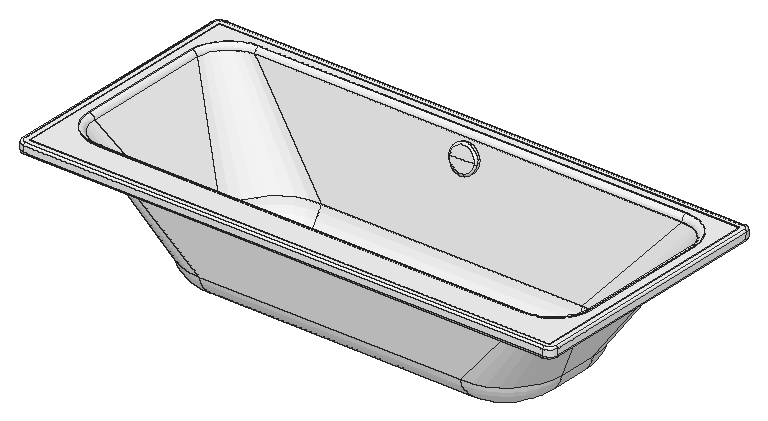
Revit family "KDW010054", category Plumbing Fixtures, Revit 2015
Parameters
  Youtube clip = ""
  Weight Net (Kg) = "50"
  Weight = "50"
  WaterSupplyOverflowAndWasteHolesWaterSupply = "n/a"
  WaterSupplyOverflowAndWasteHolesWaste = "52 mm"
  WaterSupplyOverflowAndWasteHolesOverflow = "52 mm"
  WarrantyStartDate = "https://www.kaldewei.co.uk/fileadmin/data/sprachen/englisch/prospekte/rest/GB_GUARANTEE__CARE_AND_INSTALLATION_INSTRUCTIONS.pdf"
  WarrantyDurationUnit = "Year"
  WarrantyDurationParts = "30"
  VolumeToOverflowMaximum = "123"
  Version = "5"
  Uniformat II Description = ""
  Uniformat II Code = ""
  Uniclass 2015 Name = ""
  Uniclass 2015 Code = ""
  Uniclass 2015 = "Pr_40_20_06_08"
  Uniclass 2.0 Description = "Baths"
  Uniclass 2.0 Code = "PR-35-06-08"
  Uniclass 1.4 Description = "Baths"
  Uniclass 1.4 Code = "L7211"
  URL = "https://www.kaldewei.co.uk/products/baths/detail/product/asymmetric-duo/"
  UNSPSCNames = "Sanitary ware "
  UNSPSCCode = "30181500"
  UNSPSC Code = "30181501"
  Type Comments = "ASYMMETRIC DUO 740 800x1700x425"
  TechnicalDataURL = "https://kaldewei.typo-live.web-factory.de/fileadmin/data/sprachen/englisch/techdata/KADBE_ASYMMETRICDUO_______740__.pdf"
  Technical description = "https://www.kaldewei.co.uk/fileadmin/data/sprachen/englisch/techdata/KADBE_ASYMMETRICDUO_______740__.pdf"
  Sustainability = "https://kaldewei-fa.secure.footprint.net/data/sprachen/englisch/prospekte/rest/Steel_Enamel_Baths_and_Shower_Trays.pdf"
  SupportFrame = "https://www.kaldewei.co.uk/products/baths/detail/product/asymmetric-duo/?tx_wkkaldeweiproducts_product%5Bmodellnr%5D=740&cHash=e4a5ac15442d35afc63748f63eb4bc6b#tabConfiguration"
  Size = "800x1700x425"
  Shape = "Rectangular baths"
  SerialNumber = "740"
  Revision = "1"
  Region South America = "AR, BO, BR, CL, CO, EC, FK, GF, GY, PE, PY, SR, UY, VE"
  Region Oceania = "AS, AU, CK, FJ, FM, GU, KI, MH, MP, NC, NF, NR, NU, NZ, PF, PG, PN, PW, SB, TK, TL, TO, TV, UM, WF, WS, VU"
  Region North America = "AG, AI, AW, BB, BL, BM, BQ, BS, BZ, CA, CR, CU, CW, DM, DO, GD, GL, GP, GT, HN, HT, JM, KN, KY, LC, MF, MQ, MS, MX, NI, PA, PM, PR, SV, SX, TC, TT, US, VC, VG, VI"
  Region Middle East = "AE, AF, BH, EG, IL, IQ, IR, JO, KW, LB, OM, PS, QA, SA, SY, TR, YE"
  Region Europe = "AD, AL, AT, AX, BA, BE, BG, BY, CH, CY, CZ, DE, DK, EE, ES, FI, FO, FR, GB, GG, GI, GR, HR, HU, IE, IM, IS, IT, JE, LI, LT, LU, LV, MC, MD, ME, MK, MT, NL, NO, PL, PT, RO, RS, RU, SE, SI, SJ, SK, SM, UA, VA"
  Region Asia = "AM, AZ, BD, BN, BT, CC, CN, CX, GE, HK, ID, IN, IO, JP, KG, KH, KP, KR, KZ, LA, LK, MM, MN, MO, MV, MY, NP, PH, PK, SG, TH, TJ, TM, TW, UZ, VN"
  Region Antarctica = "AQ, BV, GS, HM, TF"
  Region Africa = "AO, BF, BI, BJ, BW, CD, CF, CG, CI, CM, CV, DJ, DZ, EH, ER, ET, GA, GH, GM, GN, GQ, GW, KE, KM, LR, LS, LY, MA, MG, ML, MR, MU, MW, MZ, NA, NE, NG, RE, RW, SC, SD, SH, SL, SN, SO, SS, ST, SZ, TD, TG, TN, TZ, UG, YT, ZA, ZM, ZW"
  QR code = "http://bimobject.com/kaldewei/product/740"
  ProductInformation = "Model No.740: A bath with a comfort zone: with its generously proportioned storage shelf, the ASYMMETRIC DUO also has a spatial dimension. It can be used as a seat or for holding bath utensils, and also for the individual positioning of taps.There is a charming contrast between the precise and clear form of the bath rim and the ergonomic, flowing design language of the inside. Furthermore, the outflow set flush into the base of the bath is an elegant and harmonious solution."
  Product url = "https://www.kaldewei.co.uk/products/baths/detail/product/asymmetric-duo/"
  Product group = "Bathtub"
  Product family = "ASYMMETRIC DUO "
  Product data url = "https://bimobject.com/kaldewei/product/740"
  Product certification = "https://www.kaldewei.co.uk/fileadmin/data/sprachen/alle/pdfs/leistungserkla__rungBW-DW-WT-0216Web.pdf"
  Product SKU = "740"
  Product Guid = "a03c7cdf-5c67-49f0-9ef0-5e3adb6818b1"
  Polantis code = "KDW010054"
  PanelMaterial = "n/a"
  OmniClass Description = ""
  OmniClass Code = ""
  ObjectURL = "https://www.kaldewei.co.uk/products/baths/detail/product/asymmetric-duo/"
  ObjectPicture = "https://www.kaldewei.co.uk/products/baths/detail/product/asymmetric-duo/?tx_wkkaldeweiproducts_product%5Bmodellnr%5D=740&cHash=e4a5ac15442d35afc63748f63eb4bc6b#tabConfiguration"
  ObjectNorm = "EN 14516EU DECLARATION OF PERFORMANCE(https://www.kaldewei.de/fileadmin/data/sprachen/alle/pdfs/leistungserkla__rungBW-DW-WT-0216Web.pdf)"
  ObjectName = "ASYMMETRICDUO 800x1700x425"
  NominalLength = "1700"
  NominalDepth = "425"
  Nominal width = 1700 cm
  Nominal height = 800 cm
  Name = "ASYMMETRICDUO"
  NBS Reference Description = "Baths"
  NBS Reference Code = "35-06-08"
  Model = "ASYMMETRIC DUO"
  Material secondary = "Enamel"
  Material main = "Steel"
  Material = "steel enamel"
  Masterformat 2014 Description = ""
  Masterformat 2014 Code = ""
  ManufacturerURL = "https://www.kaldewei.com"
  ManufacturerName = "KALDEWEI"
  ManufacturerEmail = "info@kaldewei.de"
  ManufacturerCountry = "GERMANY"
  Manufacturer name = ""
  Manufacturer country = "Germany"
  IntegralAccessories = "https://www.kaldewei.co.uk/products/baths/detail/product/asymmetric-duo/?tx_wkkaldeweiproducts_product%5Bmodellnr%5D=740&cHash=e4a5ac15442d35afc63748f63eb4bc6b#tabConfiguration"
  Installation instructions = ""
  IfcExportType = "IfcSanitaryTerminalType"
  IfcExportAs = "BATH"
  IFC Classification = "Furnishing Element"
  HasGrabHandles = "https://www.kaldewei.co.uk/products/baths/detail/product/asymmetric-duo/?tx_wkkaldeweiproducts_product%5Bmodellnr%5D=740&cHash=e4a5ac15442d35afc63748f63eb4bc6b#tabConfiguration"
  Finition = Kaldewei
  Finish = "https://www.kaldewei.co.uk/products/baths/extras-installation/surfaces/"
  Features = "https://www.kaldewei.co.uk/products/baths/detail/product/asymmetric-duo/?tx_wkkaldeweiproducts_product%5Bmodellnr%5D=740&cHash=e4a5ac15442d35afc63748f63eb4bc6b#tabConfiguration"
  Manufacturer = "Kaldewei"
  Edition number = "1"
  EAN code = ""
  Durability = "https://www.kaldewei.de/fileadmin/data/sprachen/alle/pdfs/leistungserkla__rungBW-DW-WT-0216Web.pdf"
  DrainSize = "52 mm"
  Design country = "Germany"
  Date of publishing = ""
  ConnectingDimensions = "EN 232"
  ColourOptions = "https://www.kaldewei.co.uk/inspiration/material/colours/"
  Color = "https://www.kaldewei.co.uk/inspiration/material/colours/"
  COBIe Type Category = ""
  Brand url = "http://www.kaldewei.com"
  BIMobject category = "Bath & Spas"
Reference planes (cm)
  plane 1 "Center (Front/Back)": y = 0
  plane 2: z = 0
  plane 3 "Center (Left/Right)": x = 0
Forms (cm)
  Sweep 1, solid, material "Kaldewei"
    path origin (0, -2.7644, -23.1099) x (1, 0, 0) y (0, 1, 0)
      loop
        arc (-82.5, 39.8238) -> (-84.2678, 39.0916) -> (-85, 37.3238) r 2.5
        line (-85, 37.3238) -> (-85, -37.6762)
        arc (-85, -37.6762) -> (-84.2678, -39.444) -> (-82.5, -40.1762) r 2.5
        line (-82.5, -40.1762) -> (82.5, -40.1762)
        arc (82.5, -40.1762) -> (84.2678, -39.444) -> (85, -37.6762) r 2.5
        line (85, -37.6762) -> (85, 37.3238)
        arc (85, 37.3238) -> (84.2678, 39.0916) -> (82.5, 39.8238) r 2.5
        line (82.5, 39.8238) -> (-82.5, 39.8238)
    profile origin (0, 37.0594, -23.1099) x (0, 1, 0) y (0, 0, 1)
      loop
        line (-1.5, 60.1763) -> (-1.5, 59.8763) -> (-0.6, 59.8763)
        arc (-0.6, 59.8763) -> (-0.1757, 60.052) -> (0, 60.4763) r 0.6
        line (0, 60.4763) -> (0, 62.4538)
        arc (0, 62.4538) -> (-0.1757, 62.8781) -> (-0.6, 63.0538) r 0.6
        line (-0.6, 63.0538) -> (-2.3, 63.0538) -> (-2.3, 62.7481) -> (-0.6071, 62.7481)
        arc (-0.6071, 62.7481) -> (-0.3908, 62.6665) -> (-0.3, 62.4538) r 0.2945
        line (-0.3, 62.4538) -> (-0.3, 60.4763)
        arc (-0.3, 60.4763) -> (-0.3879, 60.2641) -> (-0.6, 60.1763) r 0.3
        line (-0.6, 60.1763) -> (-1.5, 60.1763)
  Sweep 2, solid, material "Kaldewei"
    path origin (0, -2.7644, -23.1099) x (1, 0, 0) y (0, 1, 0)
      loop
        arc (-67.9168, 35.0446) -> (-76.4021, 31.5299) -> (-79.9168, 23.0446) r 12
        line (-79.9168, 23.0446) -> (-79.9168, -17.6387)
        arc (-79.9168, -17.6387) -> (-76.4021, -26.124) -> (-67.9168, -29.6387) r 12
        line (-67.9168, -29.6387) -> (67.9197, -29.6387)
        arc (67.9197, -29.6387) -> (76.4049, -26.124) -> (79.9197, -17.6387) r 12
        line (79.9197, -17.6387) -> (79.9197, 23.0446)
        arc (79.9197, 23.0446) -> (76.4049, 31.5299) -> (67.9197, 35.0446) r 12
        line (67.9197, 35.0446) -> (-67.9168, 35.0446)
    profile origin (0.0014, 32.2802, -23.1099) x (0, 1, 0) y (0, 0, 1)
      loop
        arc (-0.0096, 63.0482) -> (-1.2035, 62.5771) -> (-1.7998, 61.4405) r 1.8419
        line (-1.7998, 61.4405) -> (-1.4969, 61.4405)
        arc (-1.4969, 61.4405) -> (-0.9909, 62.3646) -> (-0.0096, 62.7481) r 1.5419
        line (-0.0096, 62.7481) -> (-0.0096, 63.0482)
  Extrusion 3, solid, material "Kaldewei"
    sketch origin (0, -2.7644, -23.1099) x (1, 0, 0) y (0, 1, 0)
      loop
        arc (82.5, -37.8762) -> (82.6414, -37.8176) -> (82.7, -37.6762) r 0.2
        line (82.7, -37.6762) -> (82.7, 37.3238)
        arc (82.7, 37.3238) -> (82.6414, 37.4652) -> (82.5, 37.5238) r 0.2
        line (82.5, 37.5238) -> (-82.5, 37.5238)
        arc (-82.5, 37.5238) -> (-82.6414, 37.4652) -> (-82.7, 37.3238) r 0.2
        line (-82.7, 37.3238) -> (-82.7, -37.6762)
        arc (-82.7, -37.6762) -> (-82.6414, -37.8176) -> (-82.5, -37.8762) r 0.2
        line (-82.5, -37.8762) -> (82.5, -37.8762)
      loop
        line (-67.9168, -29.6291) -> (67.9197, -29.6291)
        arc (67.9197, -29.6291) -> (76.3981, -26.1172) -> (79.91, -17.6387) r 11.9904
        line (79.91, -17.6387) -> (79.91, 23.0446)
        arc (79.91, 23.0446) -> (76.3981, 31.5231) -> (67.9197, 35.035) r 11.9904
        line (67.9197, 35.035) -> (-67.9168, 35.035)
        arc (-67.9168, 35.035) -> (-76.3953, 31.5231) -> (-79.9072, 23.0446) r 11.9904
        line (-79.9072, 23.0446) -> (-79.9072, -17.6387)
        arc (-79.9072, -17.6387) -> (-76.3953, -26.1172) -> (-67.9168, -29.6291) r 11.9904
    from 62.7481 to 63.0538
  Sweep 4, solid, material "Kaldewei"
    path origin (0, 0.0003, -20.9904) x (1, 0, 0) y (0, 1, 0)
      loop
        arc (-4.2381, 5.5227) -> (-7.0665, 4.3511) -> (-8.2381, 1.5227) r 4
        line (-8.2381, 1.5227) -> (-8.2381, -1.4415)
        arc (-8.2381, -1.4415) -> (-7.0665, -4.2699) -> (-4.2381, -5.4415) r 4
        line (-4.2381, -5.4415) -> (4.2381, -5.4415)
        arc (4.2381, -5.4415) -> (7.0665, -4.2699) -> (8.2381, -1.4415) r 4
        line (8.2381, -1.4415) -> (8.2381, 1.5227)
        arc (8.2381, 1.5227) -> (7.0665, 4.3511) -> (4.2381, 5.5227) r 4
        line (4.2381, 5.5227) -> (-4.2381, 5.5227)
    profile origin (0, 5.523, -20.9904) x (0, 1, 0) y (0, 0, 1)
      loop
        arc (0, 21.3027) -> (-0.4063, 21.1364) -> (-0.5867, 20.7361) r 0.5926
        line (-0.5867, 20.7361) -> (-0.6264, 20.3582)
        arc (-0.6264, 20.3582) -> (-0.764, 20.0418) -> (-1.0581, 19.8616) r 0.5737
        line (-1.0581, 19.8616) -> (-1.2696, 19.7761)
        arc (-1.2696, 19.7761) -> (-1.6399, 19.5623) -> (-1.937, 19.2547) r 1.5363
        line (-1.937, 19.2547) -> (-2.0549, 19.0924)
        arc (-2.0549, 19.0924) -> (-2.2482, 18.9146) -> (-2.5038, 18.8537) r 0.5211
        line (-2.5038, 18.8537) -> (-3.0756, 18.8537) -> (-3.0756, 18.5543) -> (-2.5272, 18.5543)
        arc (-2.5272, 18.5543) -> (-2.1191, 18.6436) -> (-1.8078, 18.9221) r 0.8211
        line (-1.8078, 18.9221) -> (-1.6943, 19.0784)
        arc (-1.6943, 19.0784) -> (-1.4552, 19.3259) -> (-1.1572, 19.498) r 1.2363
        line (-1.1572, 19.498) -> (-0.9632, 19.5764)
        arc (-0.9632, 19.5764) -> (-0.53, 19.8538) -> (-0.328, 20.3269) r 0.8737
        line (-0.328, 20.3269) -> (-0.2872, 20.7154)
        arc (-0.2872, 20.7154) -> (-0.2015, 20.917) -> (0, 21.0026) r 0.2926
        line (0, 21.0026) -> (0, 21.3027)
  SweptBlend 5, solid, material "Kaldewei"
    path origin (0, -2.7644, -23.1099) x (1, 0, 0) y (0, 0, 1)
      loop
        line (-2.7948, 61.4405) -> (-2.7948, 31.0703)
    profile origin (-2.7948, -2.7644, 38.3307) x (0, -1, 0) y (1, 0, 0)
      loop
        line (-33.5478, 70.7144) -> (-33.5478, -65.1221)
        arc (-33.5478, -65.1221) -> (-30.4715, -72.5489) -> (-23.0446, -75.6252) r 10.5031
        line (-23.0446, -75.6252) -> (17.6387, -75.6252)
        arc (17.6387, -75.6252) -> (25.0655, -72.5489) -> (28.1418, -65.1221) r 10.5031
        line (28.1418, -65.1221) -> (28.1418, 70.7144)
        arc (28.1418, 70.7144) -> (25.0655, 78.1413) -> (17.6387, 81.2176) r 10.5031
        line (17.6387, 81.2176) -> (-23.0446, 81.2176)
        arc (-23.0446, 81.2176) -> (-30.4715, 78.1413) -> (-33.5478, 70.7144) r 10.5031
    end profile origin (-2.7948, -2.7644, 7.9605) x (0, -1, 0) y (1, 0, 0)
      loop
        arc (-26.8492, -38.7751) -> (-21.5642, -51.5343) -> (-8.805, -56.8193) r 18.0441
        line (-8.805, -56.8193) -> (3.502, -56.8193)
        arc (3.502, -56.8193) -> (16.2611, -51.5343) -> (21.5461, -38.7751) r 18.0441
        line (21.5461, -38.7751) -> (21.5461, 44.176)
        arc (21.5461, 44.176) -> (16.2611, 56.9351) -> (3.502, 62.2201) r 18.0441
        line (3.502, 62.2201) -> (-8.805, 62.2201)
        arc (-8.805, 62.2201) -> (-21.5642, 56.9351) -> (-26.8492, 44.176) r 18.0441
        line (-26.8492, 44.176) -> (-26.8492, -38.7751)
  SweptBlend 6, void
    path origin (0, -2.7644, -23.1099) x (1, 0, 0) y (0, 0, 1)
      loop
        line (-3.2948, 61.4405) -> (-3.2948, 31.0703)
    profile origin (-3.2948, -2.7644, 38.3307) x (0, -1, 0) y (1, 0, 0)
      loop
        line (-33.2448, 71.2144) -> (-33.2448, -64.6221)
        arc (-33.2448, -64.6221) -> (-30.2573, -71.8347) -> (-23.0446, -74.8222) r 10.2002
        line (-23.0446, -74.8222) -> (17.6387, -74.8222)
        arc (17.6387, -74.8222) -> (24.8513, -71.8347) -> (27.8389, -64.6221) r 10.2002
        line (27.8389, -64.6221) -> (27.8389, 71.2144)
        arc (27.8389, 71.2144) -> (24.8513, 78.4271) -> (17.6387, 81.4146) r 10.2002
        line (17.6387, 81.4146) -> (-23.0446, 81.4146)
        arc (-23.0446, 81.4146) -> (-30.2573, 78.4271) -> (-33.2448, 71.2144) r 10.2002
    end profile origin (-3.2948, -2.7644, 7.9605) x (0, -1, 0) y (1, 0, 0)
      loop
        arc (-26.5485, -38.2751) -> (-21.3516, -50.8217) -> (-8.805, -56.0186) r 17.7435
        line (-8.805, -56.0186) -> (3.502, -56.0186)
        arc (3.502, -56.0186) -> (16.0485, -50.8217) -> (21.2455, -38.2751) r 17.7435
        line (21.2455, -38.2751) -> (21.2455, 44.676)
        arc (21.2455, 44.676) -> (16.0485, 57.2225) -> (3.502, 62.4195) r 17.7435
        line (3.502, 62.4195) -> (-8.805, 62.4195)
        arc (-8.805, 62.4195) -> (-21.3516, 57.2225) -> (-26.5485, 44.676) r 17.7435
        line (-26.5485, 44.676) -> (-26.5485, -38.2751)
  Extrusion 7, solid, material "Kaldewei"
    sketch origin (0, 0, -2.9047) x (1, 0, 0) y (0, 1, 0)
      loop
        arc (-4.2381, 5.523) -> (-7.0665, 4.3514) -> (-8.2381, 1.523) r 4
        line (-8.2381, 1.523) -> (-8.2381, -1.4411)
        arc (-8.2381, -1.4411) -> (-7.0665, -4.2696) -> (-4.2381, -5.4411) r 4
        line (-4.2381, -5.4411) -> (4.2381, -5.4411)
        arc (4.2381, -5.4411) -> (7.0665, -4.2696) -> (8.2381, -1.4411) r 4
        line (8.2381, -1.4411) -> (8.2381, 1.523)
        arc (8.2381, 1.523) -> (7.0665, 4.3514) -> (4.2381, 5.523) r 4
        line (4.2381, 5.523) -> (-4.2381, 5.523)
      loop
        line (41.3812, 16.3895) -> (-41.5699, 16.3895)
        arc (-41.5699, 16.3895) -> (-48.8877, 13.3584) -> (-51.9188, 6.0406) r 10.3489
        line (-51.9188, 6.0406) -> (-51.9188, -6.2664)
        arc (-51.9188, -6.2664) -> (-48.8877, -13.5842) -> (-41.5699, -16.6153) r 10.3489
        line (-41.5699, -16.6153) -> (41.3812, -16.6153)
        arc (41.3812, -16.6153) -> (48.699, -13.5842) -> (51.7301, -6.2664) r 10.3489
        line (51.7301, -6.2664) -> (51.7301, 6.0406)
        arc (51.7301, 6.0406) -> (48.699, 13.3584) -> (41.3812, 16.3895) r 10.3489
    from 2.915 to 3.2169
  Extrusion 8, solid, material "Kaldewei"
    sketch origin (0, 0, -2.9047) x (1, 0, 0) y (0, 1, 0)
      loop
        arc (-4.2381, 2.4473) -> (-4.8917, 2.1766) -> (-5.1624, 1.523) r 0.9244
        line (-5.1624, 1.523) -> (-5.1624, -1.4411)
        arc (-5.1624, -1.4411) -> (-4.8917, -2.0948) -> (-4.2381, -2.3655) r 0.9244
        line (-4.2381, -2.3655) -> (4.2381, -2.3655)
        arc (4.2381, -2.3655) -> (4.8917, -2.0948) -> (5.1624, -1.4411) r 0.9244
        line (5.1624, -1.4411) -> (5.1624, 1.523)
        arc (5.1624, 1.523) -> (4.8917, 2.1766) -> (4.2381, 2.4473) r 0.9244
        line (4.2381, 2.4473) -> (-4.2381, 2.4473)
      loop
        circle (0, 0) r 2
    from 0.4686 to 0.768
  Sweep 9, solid, material "Kaldewei"
    path origin (0.0541, 0, 10.1986) x (1, 0, 0) y (0, 1, 0)
      loop
        line (4.2381, 4.9363) -> (-4.2381, 4.9363)
        arc (-4.2381, 4.9363) -> (-6.6517, 3.9366) -> (-7.6514, 1.523) r 3.4133
        line (-7.6514, 1.523) -> (-7.6514, -1.4411)
        arc (-7.6514, -1.4411) -> (-6.6517, -3.8547) -> (-4.2381, -4.8545) r 3.4133
        line (-4.2381, -4.8545) -> (4.2381, -4.8545)
        arc (4.2381, -4.8545) -> (6.6517, -3.8547) -> (7.6514, -1.4411) r 3.4133
        line (7.6514, -1.4411) -> (7.6514, 1.523)
        arc (7.6514, 1.523) -> (6.6517, 3.9366) -> (4.2381, 4.9363) r 3.4133
    profile origin (0.0541, 4.9363, 10.1986) x (0, -1, 0) y (0, 0, 1)
      loop
        line (1.3891, -11.1716) -> (1.3891, -10.2249) -> (0.8609, -10.2489)
        arc (0.8609, -10.2489) -> (0.4486, -10.4394) -> (0.2873, -10.864) r 0.6011
        arc (0.2873, -10.864) -> (0.3573, -11.0795) -> (0.5643, -11.1716) r 0.2785
        line (0.5643, -11.1716) -> (1.3891, -11.1716)
  Extrusion 10, solid, material "Kaldewei"
    sketch origin (0.0541, 0, 10.1986) x (1, 0, 0) y (0, 1, 0)
      loop
        circle (-6.0479, 3.001) r 0.397
      loop
        circle (-6.0479, 3.001) r 0.1513
      loop
        circle (-6.0479, -3.2028) r 0.397
      loop
        circle (-6.0479, -3.2028) r 0.1513
      loop
        circle (5.6578, 3.001) r 0.397
      loop
        circle (5.6578, 3.001) r 0.1513
      loop
        circle (5.6578, -3.2028) r 0.397
      loop
        circle (5.6578, -3.2028) r 0.1513
    from -11.1716 to -11.5724
  Extrusion 11, solid, material "Kaldewei"
    sketch origin (0.0541, 0, 10.1986) x (1, 0, 0) y (0, 1, 0)
      loop
        arc (-4.2381, 3.5473) -> (-5.6694, 2.9544) -> (-6.2623, 1.523) r 2.0243
        line (-6.2623, 1.523) -> (-6.2623, -1.4411)
        arc (-6.2623, -1.4411) -> (-5.6694, -2.8725) -> (-4.2381, -3.4654) r 2.0243
        line (-4.2381, -3.4654) -> (4.2381, -3.4654)
        arc (4.2381, -3.4654) -> (5.6694, -2.8725) -> (6.2623, -1.4411) r 2.0243
        line (6.2623, -1.4411) -> (6.2623, 1.523)
        arc (6.2623, 1.523) -> (5.6694, 2.9544) -> (4.2381, 3.5473) r 2.0243
        line (4.2381, 3.5473) -> (-4.2381, 3.5473)
    from -11.1716 to -10.2249
  Sweep 12, solid, material "Kaldewei"
    path origin (0, 0, -1.9401) x (1, 0, 0) y (0, 1, 0)
      loop
        arc (-41.5699, 24.0847) -> (-54.3291, 18.7997) -> (-59.6141, 6.0406) r 18.0441
        line (-59.6141, 6.0406) -> (-59.6141, -6.2664)
        arc (-59.6141, -6.2664) -> (-54.3291, -19.0256) -> (-41.5699, -24.3106) r 18.0441
        line (-41.5699, -24.3106) -> (41.3812, -24.3106)
        arc (41.3812, -24.3106) -> (54.1403, -19.0256) -> (59.4253, -6.2664) r 18.0441
        line (59.4253, -6.2664) -> (59.4253, 6.0406)
        arc (59.4253, 6.0406) -> (54.1403, 18.7997) -> (41.3812, 24.0847) r 18.0441
        line (41.3812, 24.0847) -> (-41.5699, 24.0847)
    profile origin (-0.0944, 24.0847, -1.9401) x (0, 1, 0) y (0, 0, 1)
      loop
        arc (-7.6952, 1.9401) -> (-2.7778, 4.8862) -> (0, 9.9006) r 11.0422
        line (0, 9.9006) -> (-0.3094, 9.9006)
        arc (-0.3094, 9.9006) -> (-2.9897, 5.0986) -> (-7.6952, 2.2524) r 10.7422
        line (-7.6952, 2.2524) -> (-7.6952, 1.9401)
  Revolve 13, solid, material "Kaldewei"
    sketch origin (-148.4592, 29.9506, 32.8715) x (1, 0, 0) y (0, 0.978148, -0.207912)
      loop
        line (148.4682, -2.0846) -> (148.4682, 2.52) -> (148.1742, 2.52) -> (147.9742, 2.32) -> (147.9742, 1.17) -> (147.2787, 1.17) -> (147.1097, 1.001) -> (146.0402, 1.001) -> (146.0402, 0) -> (144.8505, 0) -> (144.8505, -0.7269) -> (144.0846, -0.7269) -> (144.0846, -1.4974)
        arc (144.0846, -1.4974) -> (144.2369, -1.8649) -> (144.6044, -2.0172) r 0.5198
        arc (144.6044, -2.0172) -> (146.5358, -2.0783) -> (148.4682, -2.0846) r 68.1844
      axis (148.4682, 2.52) -> (148.4682, -2.0846)
    angle from 0 to 360
Cuts and joins
  SweptBlend 6 cuts SweptBlend 5
Lines and regions (cm)
  symbolic lines, style "PlumbingFixtures"
    curve 1: arc (-78.1158, 20.4489, 0) -> (-78.1167, 20.3689, 0) -> (-78.117, 20.2889, 0) r 10.2002
    curve 2: spline (-3.8547, 27.9862, 0) -> (-3.7231, 27.7783, 0) -> (-3.3371, 27.5845, 0) -> (-2.7231, 27.4182, 0) -> (-1.9229, 27.2905, 0) -> (-0.991, 27.2102, 0) -> (0.009, 27.1829, 0) -> (1.009, 27.2102, 0) -> (1.9409, 27.2905, 0) -> (2.7411, 27.4182, 0) -> (3.3551, 27.5845, 0) -> (3.7411, 27.7783, 0) -> (3.8728, 27.9862, 0)
    curve 3: spline (3.8728, 27.9862, 0) -> (3.7411, 28.1941, 0) -> (3.3551, 28.3878, 0) -> (2.7411, 28.5542, 0) -> (1.9409, 28.6819, 0) -> (1.009, 28.7621, 0) -> (0.009, 28.7895, 0) -> (-0.991, 28.7621, 0) -> (-1.9229, 28.6819, 0) -> (-2.7231, 28.5542, 0) -> (-3.3371, 28.3878, 0) -> (-3.7231, 28.1941, 0) -> (-3.8547, 27.9862, 0)
    curve 4: spline (4.3926, 29.2482, 0) -> (4.2432, 29.4841, 0) -> (3.8053, 29.7039, 0) -> (3.1087, 29.8927, 0) -> (2.2008, 30.0375, 0) -> (1.1436, 30.1286, 0) -> (0.009, 30.1596, 0) -> (-1.1255, 30.1286, 0) -> (-2.1828, 30.0375, 0) -> (-3.0906, 29.8927, 0) -> (-3.7873, 29.7039, 0) -> (-4.2252, 29.4841, 0) -> (-4.3745, 29.2482, 0)
    curve 5: line (85, -40.4319, 0) -> (85, 34.5681, 0)
    curve 6: line (-82.5, -42.9319, 0) -> (82.5, -42.9319, 0)
    curve 7: line (-85, 34.5681, 0) -> (-85, -40.4319, 0)
    curve 8: line (82.5, 37.0681, 0) -> (-82.5, 37.0681, 0)
    curve 9: line (67.9197, 30.4891, 0) -> (-68.0756, 30.4891, 0)
    curve 10: line (-67.9168, 30.4891, 0) -> (67.9197, 30.4891, 0)
    curve 11: line (78.1198, -20.3944, 0) -> (78.1198, 20.2889, 0)
    curve 12: line (78.1198, 20.2889, 0) -> (78.1198, -20.3944, 0)
    curve 13: line (-67.9168, -30.5946, 0) -> (67.9197, -30.5946, 0)
    curve 14: line (67.9197, -30.5946, 0) -> (-67.9168, -30.5946, 0)
    curve 15: line (-78.117, 20.2889, 0) -> (-78.117, -20.3944, 0)
    curve 16: line (-78.117, -20.3944, 0) -> (-78.117, 20.2889, 0)
    curve 17: line (8.2381, -1.4324, 0) -> (8.2381, 1.5317, 0)
    curve 18: line (8.2381, 1.5317, 0) -> (8.2381, -1.4324, 0)
    curve 19: line (-4.2381, -5.4324, 0) -> (4.2381, -5.4324, 0)
    curve 20: line (4.2381, -5.4324, 0) -> (-4.2381, -5.4324, 0)
    curve 21: line (-8.2381, 1.5317, 0) -> (-8.2381, -1.4324, 0)
    curve 22: line (-8.2381, -1.4324, 0) -> (-8.2381, 1.5317, 0)
    curve 23: line (4.2381, 5.5317, 0) -> (-4.2381, 5.5317, 0)
    curve 24: line (-4.2381, 5.5317, 0) -> (4.2381, 5.5317, 0)
    curve 25: line (-59.3134, -6.2577, 0) -> (-59.3134, 6.0493, 0)
    curve 26: line (-59.3134, 6.0493, 0) -> (-59.3134, -6.2577, 0)
    curve 27: line (59.1247, 6.0493, 0) -> (59.1247, -6.2577, 0)
    curve 28: line (59.1247, -6.2577, 0) -> (59.1247, 6.0493, 0)
    curve 29: line (-4.3745, 29.2482, 0) -> (-4.3745, 28.4947, 0)
    curve 30: line (-4.3745, 28.4947, 0) -> (-4.3621, 28.3643, 0)
    curve 31: line (-4.3621, 28.3643, 0) -> (-4.3274, 28.2434, 0)
    curve 32: line (-4.3274, 28.2434, 0) -> (-4.2766, 28.1377, 0)
    curve 33: line (-4.2766, 28.1377, 0) -> (-4.216, 28.0479, 0)
    curve 34: line (-4.216, 28.0479, 0) -> (-4.1499, 27.9722, 0)
    curve 35: line (-4.1499, 27.9722, 0) -> (-4.0806, 27.9076, 0)
    curve 36: line (-4.0806, 27.9076, 0) -> (-4.0088, 27.8514, 0)
    curve 37: line (-4.0088, 27.8514, 0) -> (-3.9348, 27.8016, 0)
    curve 38: line (-3.9348, 27.8016, 0) -> (-3.8584, 27.7566, 0)
    curve 39: line (-3.8584, 27.7566, 0) -> (-3.7791, 27.7154, 0)
    curve 40: line (-3.7791, 27.7154, 0) -> (-3.6967, 27.677, 0)
    curve 41: line (-3.6967, 27.677, 0) -> (-3.6109, 27.6409, 0)
    curve 42: line (-3.6109, 27.6409, 0) -> (-3.5214, 27.6069, 0)
    curve 43: line (-3.5214, 27.6069, 0) -> (-3.4282, 27.5745, 0)
    curve 44: line (-3.4282, 27.5745, 0) -> (-3.331, 27.5437, 0)
    curve 45: line (-3.331, 27.5437, 0) -> (-3.2299, 27.5142, 0)
    curve 46: line (-3.2299, 27.5142, 0) -> (-3.1248, 27.4861, 0)
    curve 47: line (-3.1248, 27.4861, 0) -> (-3.0157, 27.4592, 0)
    curve 48: line (-3.0157, 27.4592, 0) -> (-2.9026, 27.4334, 0)
    curve 49: line (-2.9026, 27.4334, 0) -> (-2.7858, 27.4088, 0)
    curve 50: line (-2.7858, 27.4088, 0) -> (-2.6651, 27.3854, 0)
    curve 51: line (-2.6651, 27.3854, 0) -> (-2.5408, 27.3632, 0)
    curve 52: line (-2.5408, 27.3632, 0) -> (-2.413, 27.3421, 0)
    curve 53: line (-2.413, 27.3421, 0) -> (-2.2818, 27.3222, 0)
    curve 54: line (-2.2818, 27.3222, 0) -> (-2.1474, 27.3034, 0)
    curve 55: line (-2.1474, 27.3034, 0) -> (-2.0099, 27.2859, 0)
    curve 56: line (-2.0099, 27.2859, 0) -> (-1.8695, 27.2695, 0)
    curve 57: line (-1.8695, 27.2695, 0) -> (-1.7264, 27.2544, 0)
    curve 58: line (-1.7264, 27.2544, 0) -> (-1.5808, 27.2405, 0)
    curve 59: line (-1.5808, 27.2405, 0) -> (-1.4329, 27.2278, 0)
    curve 60: line (-1.4329, 27.2278, 0) -> (-1.2829, 27.2164, 0)
    curve 61: line (-1.2829, 27.2164, 0) -> (-1.1311, 27.2062, 0)
    curve 62: line (-1.1311, 27.2062, 0) -> (-0.9775, 27.1974, 0)
    curve 63: line (-0.9775, 27.1974, 0) -> (-0.8225, 27.1898, 0)
    curve 64: line (-0.8225, 27.1898, 0) -> (-0.6663, 27.1835, 0)
    curve 65: line (-0.6663, 27.1835, 0) -> (-0.5091, 27.1786, 0)
    curve 66: line (-0.5091, 27.1786, 0) -> (-0.3512, 27.1749, 0)
    curve 67: line (-0.3512, 27.1749, 0) -> (-0.1927, 27.1726, 0)
    curve 68: line (-0.1927, 27.1726, 0) -> (-0.0339, 27.1716, 0)
    curve 69: line (-0.0339, 27.1716, 0) -> (0.125, 27.1719, 0)
    curve 70: line (0.125, 27.1719, 0) -> (0.2837, 27.1735, 0)
    curve 71: line (0.2837, 27.1735, 0) -> (0.442, 27.1764, 0)
    curve 72: line (0.442, 27.1764, 0) -> (0.5996, 27.1807, 0)
    curve 73: line (0.5996, 27.1807, 0) -> (0.7564, 27.1863, 0)
    curve 74: line (0.7564, 27.1863, 0) -> (0.9121, 27.1931, 0)
    curve 75: line (0.9121, 27.1931, 0) -> (1.0664, 27.2013, 0)
    curve 76: line (1.0664, 27.2013, 0) -> (1.2192, 27.2108, 0)
    curve 77: line (1.2192, 27.2108, 0) -> (1.3702, 27.2215, 0)
    curve 78: line (1.3702, 27.2215, 0) -> (1.5193, 27.2335, 0)
    curve 79: line (1.5193, 27.2335, 0) -> (1.6661, 27.2467, 0)
    curve 80: line (1.6661, 27.2467, 0) -> (1.8106, 27.2612, 0)
    curve 81: line (1.8106, 27.2612, 0) -> (1.9525, 27.2769, 0)
    curve 82: line (1.9525, 27.2769, 0) -> (2.0915, 27.2938, 0)
    curve 83: line (2.0915, 27.2938, 0) -> (2.2276, 27.3119, 0)
    curve 84: line (2.2276, 27.3119, 0) -> (2.3606, 27.3312, 0)
    curve 85: line (2.3606, 27.3312, 0) -> (2.4903, 27.3517, 0)
    curve 86: line (2.4903, 27.3517, 0) -> (2.6165, 27.3733, 0)
    curve 87: line (2.6165, 27.3733, 0) -> (2.7391, 27.3961, 0)
    curve 88: line (2.7391, 27.3961, 0) -> (2.8581, 27.42, 0)
    curve 89: line (2.8581, 27.42, 0) -> (2.9732, 27.4451, 0)
    curve 90: line (2.9732, 27.4451, 0) -> (3.0844, 27.4714, 0)
    curve 91: line (3.0844, 27.4714, 0) -> (3.1917, 27.4989, 0)
    curve 92: line (3.1917, 27.4989, 0) -> (3.2949, 27.5276, 0)
    curve 93: line (3.2949, 27.5276, 0) -> (3.3943, 27.5577, 0)
    curve 94: line (3.3943, 27.5577, 0) -> (3.4896, 27.5892, 0)
    curve 95: line (3.4896, 27.5892, 0) -> (3.5811, 27.6223, 0)
    curve 96: line (3.5811, 27.6223, 0) -> (3.6689, 27.6573, 0)
    curve 97: line (3.6689, 27.6573, 0) -> (3.7531, 27.6943, 0)
    curve 98: line (3.7531, 27.6943, 0) -> (3.834, 27.734, 0)
    curve 99: line (3.834, 27.734, 0) -> (3.9119, 27.7768, 0)
    curve 100: line (3.9119, 27.7768, 0) -> (3.9872, 27.8239, 0)
    curve 101: line (3.9872, 27.8239, 0) -> (4.0601, 27.8763, 0)
    curve 102: line (4.0601, 27.8763, 0) -> (4.1308, 27.9361, 0)
    curve 103: line (4.1308, 27.9361, 0) -> (4.1989, 28.0055, 0)
    curve 104: line (4.1989, 28.0055, 0) -> (4.2628, 28.0873, 0)
    curve 105: line (4.2628, 28.0873, 0) -> (4.3196, 28.1843, 0)
    curve 106: line (4.3196, 28.1843, 0) -> (4.3638, 28.2974, 0)
    curve 107: line (4.3638, 28.2974, 0) -> (4.3926, 28.4421, 0)
    curve 108: line (4.3926, 28.4421, 0) -> (4.3926, 29.2482, 0)
    curve 109: line (41.3812, 23.7928, 0) -> (-41.5699, 23.7928, 0)
    curve 110: line (-41.5699, -24.0012, 0) -> (41.3812, -24.0012, 0)
    curve 111: arc (-85, 34.5681, 0) -> (-84.2678, 36.3359, 0) -> (-82.5, 37.0681, 0) r 2.5
    curve 112: arc (-78.1158, 20.4489, 0) -> (-75.1751, 27.5484, 0) -> (-68.0756, 30.4891, 0) r 10.0402
    curve 113: arc (-59.3134, 6.0493, 0) -> (-54.1165, 18.5958, 0) -> (-41.5699, 23.7928, 0) r 17.7435
    curve 114: arc (-41.5699, -24.0012, 0) -> (-54.1165, -18.8043, 0) -> (-59.3134, -6.2577, 0) r 17.7435
    curve 115: arc (-78.117, -20.3944, 0) -> (-75.1295, -27.607, 0) -> (-67.9168, -30.5946, 0) r 10.2002
    curve 116: arc (-82.5, -42.9319, 0) -> (-84.2678, -42.1997, 0) -> (-85, -40.4319, 0) r 2.5
    curve 117: arc (85, -40.4319, 0) -> (84.2678, -42.1997, 0) -> (82.5, -42.9319, 0) r 2.5
    curve 118: arc (78.1198, -20.3944, 0) -> (75.1323, -27.607, 0) -> (67.9197, -30.5946, 0) r 10.2002
    curve 119: arc (59.1247, -6.2577, 0) -> (53.9277, -18.8043, 0) -> (41.3812, -24.0012, 0) r 17.7435
    curve 120: arc (8.2381, -1.4324, 0) -> (7.0665, -4.2609, 0) -> (4.2381, -5.4324, 0) r 4
    curve 121: arc (-4.2381, -5.4324, 0) -> (-7.0665, -4.2609, 0) -> (-8.2381, -1.4324, 0) r 4
    curve 122: arc (-8.2381, 1.5317, 0) -> (-7.0665, 4.3601, 0) -> (-4.2381, 5.5317, 0) r 4
    curve 123: arc (8.2381, 1.5317, 0) -> (7.0665, 4.3601, 0) -> (4.2381, 5.5317, 0) r 4
    curve 124: arc (41.3812, 23.7928, 0) -> (53.9277, 18.5958, 0) -> (59.1247, 6.0493, 0) r 17.7435
    curve 125: arc (67.9197, 30.4891, 0) -> (75.1323, 27.5015, 0) -> (78.1198, 20.2889, 0) r 10.2002
    curve 126: arc (85, 34.5681, 0) -> (84.2678, 36.3359, 0) -> (82.5, 37.0681, 0) r 2.5
Connectors (cm)
  piping at (0, 0, -2.4361), diameter 5
    settings: on Extrusion 8, index 1, connector inside diameter 609.6 mm, connector length 0 cm, flow factor 0, pipe flow 0.0 L/s, pressure drop 0.0 Pa, fitting loss kfactor 0, connector angle 0.00°, fixture units 0, engagement length 0 cm, angle of deflection 0.00°, flow configuration 0, flow direction 2, fitting loss method 0, system type 16, joint type 0, gender type 0, connector reference index -1, connector utility 0, adjustable connector no, is connector primary yes, connector description ""
